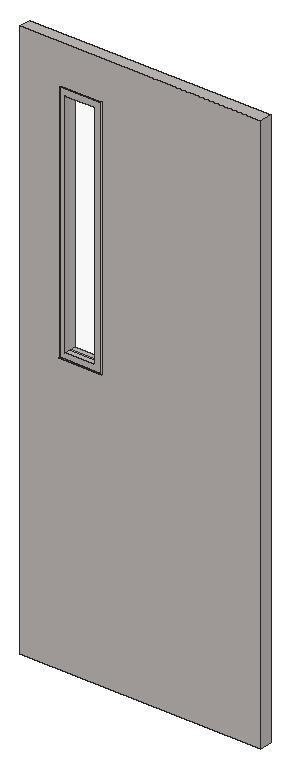
Revit family "Door-Panel_Galaxy-Metal-Doors_Narrow-Lite", category Doors, Revit 2026
Family settings
  Classification Number = 23.30.10.11.14
  Work Plane-Based = No
  Always vertical = Yes
  Cut with Voids When Loaded = No
  Shared = Yes
  Room Calculation Point = No
Parameters
  offset [instance] = 0' - 0"
  Width [instance] = 3' - 0"
  Warranty Duration (Years) = 0
  Vision Lite Width = 0' - 6"
  Vision Lite Height = 3' - 0"
  URL = "galaxymetalproducts.com"
  Thickness [instance] = 0' - 1 3/4"
  Stile Width = 0' - 6"
  Specification = "http://www.arcat.com/sd/clients/galaxyme.html?coid=48404"
  SpecWizard = ""
  Send Message = "http://www.arcat.com/arcatcos/cos48/arc48404.html"
  Sales Information = "http://www.arcat.com/arcatcos/cos48/arc48404.html"
  Revision = "R1_04-2017"
  Rail Width Top = 0' - 6 1/8"
  Product Properties = ""
  Product Data = "http://www.arcat.com/arcatcos/cos48/arc48404.html"
  Panel Material [instance] = Metal - Steel - Galaxy - Primed
  Model = "As Specified"
  Manufacturer Website = "http://galaxymetalproducts.com/"
  Manufacturer Phone - Toll Free = "800-294-8199"
  Manufacturer Phone = "800-294-8199"
  Manufacturer Fax = ""
  Manufacturer Address = "2960 Woodbridge Ave. Edison, NJ 08837"
  Manufacturer = "Galaxy Metal Products, LLC"
  Maintenance Schedule (Months) = 0
  Keynote = "08 11 10"
  Installation-Fabrication = ""
  Installation Phase = ""
  Height [instance] = 7' - 0"
  Green Building-LEED = "http://www.arcat.com/green/clients/leed_data_48404.html"
  Glass Thickness = 0' - 0 1/4"
  Glass Frame Width = 0' - 1"
  Function = Interior
  Expected Lifespan (Years) = 0
  Drawn By = "Sumex Design, Inc. / Robert S. Weygant, CSI, CDT, SCIP"
  Door Glazing [instance] = Glass - Clear - Galaxy - Tempered
  Description = ""
  Copyright = "©Arcat Inc."
  Construction Details = "http://www.arcat.com/details/galaxyme/prod3845.html"
  Assembly Code = "C1020110"
Reference planes (in)
  plane 1 "Center (Front/Back)": y = 0
  plane 2 "Bottom": z = 0
  plane 3 "Center (Left/Right)": x = 0
  plane 4 "Front": y = -0.875
  plane 5 "Back": y = 0.875
  plane 6 "Left": x = -18
  plane 7 "Right": x = 18
  plane 8 "Top": z = 84
  plane 9: z = 42
  plane 10: x = -12
  plane 11: x = -6
  plane 12: z = 77.875
  plane 13: z = 41.875
  plane 14: y = 0.125
  plane 15: y = -0.125
Forms (in)
  Extrusion 1, solid, material "Metal - Steel - Galaxy - Primed" <- "Panel Material"
    sketch origin (-11.94222, 0.875, 48) x (-1, 0, 0) y (0, 0, 1)
      loop
        line (6.05778, 36) -> (-29.94222, 36) -> (-29.94222, -48) -> (6.05778, -48) -> (6.05778, 36)
      loop
        line (0.05778, 29.875) -> (-5.94222, 29.875) -> (-5.94222, -6.125) -> (0.05778, -6.125) -> (0.05778, 29.875)
    from 0 to -1.75
  Extrusion 2, solid, material "Glass - Clear - Galaxy - Tempered" <- "Door Glazing"
    sketch origin (-20.25, -0.125, 48) x (-1, 0, 0) y (0, 0, -1)
      loop
        line (-9, -29.125) -> (-9, 5.375) -> (-13.5, 5.375) -> (-13.5, -29.125) -> (-9, -29.125)
    from 0 to -0.25
  Sweep 3, solid, material "Metal - Steel - Galaxy - Primed" <- "Panel Material"
    path origin (0, 0, 0) x (1, 0, 0) y (0, 0, 1)
      loop
        line (-12, 77.875) -> (-12, 41.875) -> (-6, 41.875) -> (-6, 77.875) -> (-12, 77.875)
    profile "P_GlassFrame : P_GlassFrame" origin (-9, 0, 77.875) x (0, 0, 1) y (0, -1, 0)
      loop
        line (0.25, 0.875) -> (0.07432, 0.95313) -> (-0.75, 0.95313) -> (-0.75, -0.95312) -> (0.07432, -0.95312) -> (0.25, -0.875) -> (0, -0.875) -> (0, 0.875) -> (0.25, 0.875)
Lines and regions (in)
  symbolic lines, style "Plan Swing"
    curve 1: arc (-18, 0.875, 0) -> (-7.45584, 26.33084, 0) -> (18, 36.875, 0) r 36
    curve 2: line (18, 0.875, 0) -> (16.25, 0.875, 0)
    curve 3: line (18, 36.875, 0) -> (18, 0.875, 0)
    curve 4: line (16.25, 36.875, 0) -> (18, 36.875, 0)
    curve 5: line (16.25, 0.875, 0) -> (16.25, 36.875, 0)
  symbolic lines, style "Elevation Swing"
    curve 6: line (-18, 0, 84) -> (18, 0, 42)
    curve 7: line (18, 0, 42) -> (-18, 0, 0)
Dimensions and locks (in)
  equal spacing: plane 6 "Left", plane 3 "Center (Left/Right)", plane 7 "Right"
  "Width": plane 6 "Left" to plane 7 "Right"
  equal spacing: plane 5 "Back", plane 1 "Center (Front/Back)", plane 4 "Front"
  "Thickness": plane 5 "Back" to plane 4 "Front"
  "Height": plane 8 "Top" to plane 2 "Bottom"
  "Width": curve 4 to plane 5 "Back"
  "Thickness": curve 5 to plane 7 "Right"
  equal spacing: plane 8 "Top", plane 9, level
  "Rail Width Top": plane 8 "Top" to plane 12
  "Vision Lite Height": plane 12 to plane 13
  "Vision Lite Width": plane 11 to plane 10
  equal spacing: plane 15, plane 1 "Center (Front/Back)", plane 14
  "Glass Thickness": plane 15 to plane 14
  "Stile Width": plane 10 to plane 6 "Left"
  aligned and locked: Extrusion 1 to plane 4 "Front"
  aligned and locked: plane 14 to Extrusion 2
  aligned and locked: plane 2 "Bottom" to level
Automatic sketch dimensions
  curve 1 to plane 5 "Back" = 0' - 0"
  curve 1 to plane 6 "Left" = 0' - 0"
  curve 5 to plane 5 "Back" = 0' - 0"
  curve 3 to plane 7 "Right" = 0' - 0"
  curve 7 to level = 0' - 0"
  curve 7 to plane 6 "Left" = 0' - 0"
  curve 6 to plane 6 "Left" = 0' - 0"
  curve 6 to plane 7 "Right" = 0' - 0"
  curve 6 to plane 9 = 0' - 0"
  curve 6 to plane 8 "Top" = 0' - 0"
  Extrusion 1 sketch curve to plane 7 "Right" = 0' - 0"
  Extrusion 1 sketch curve to plane 11 = 0' - 0"
  Extrusion 1 sketch curve to plane 10 = 0' - 0"
  Extrusion 1 sketch curve to plane 6 "Left" = 0' - 0"
  Extrusion 1 sketch curve to level = 0' - 0"
  Extrusion 1 sketch curve to plane 13 = 0' - 0"
  Extrusion 1 sketch curve to plane 12 = 0' - 0"
  Extrusion 1 sketch curve to plane 8 "Top" = 0' - 0"
  plane 11 to Extrusion 2 sketch curve = 0' - 0 3/4"
  Extrusion 2 sketch curve to plane 10 = 0' - 0 3/4"
  Extrusion 2 sketch curve to plane 13 = 0' - 0 3/4"
  plane 12 to Extrusion 2 sketch curve = 0' - 0 3/4"
  Sweep 3 sketch curve to plane 10 = 0' - 0"
  Sweep 3 sketch curve to plane 11 = 0' - 0"
  Sweep 3 sketch curve to plane 13 = 0' - 0"
  Sweep 3 sketch curve to plane 12 = 0' - 0"
